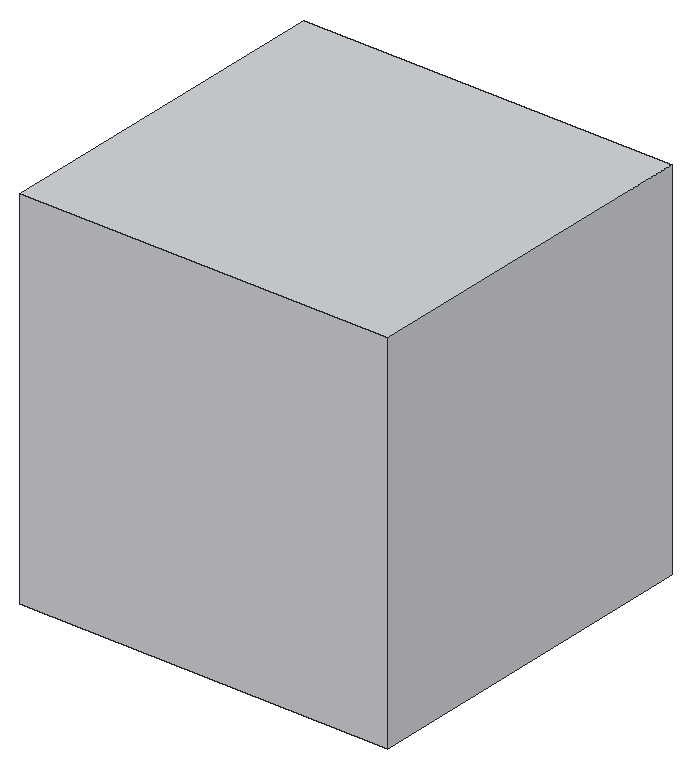
Revit family "Сейф взломостойкий", category Оборудование, Revit 2017
Family settings
  Размер круглого соединителя = Использовать диаметр
  Тип детали = Нормальный
  На основе рабочей плоскости = Нет
  Всегда вертикально = Да
  При загрузке вырезать с полостями = Нет
  Общий = Нет
  Точка расчета площади = Нет
Parameters (values of type "Тип")
  Общ_Ширина = 435.0 mm
  Общ_Тип, марка = "ОСП 23"
  Общ_Примечание КР [instance] = ""
  Общ_Примечание АР [instance] = ""
  Общ_Примечание = ""
  Общ_Поставщик = "РИПОСТ"
  Общ_Позиция = ""
  Общ_Наименование = "Сейф взломостойкий с ключевым замком, I класс защиты, 30 л, 1 полка"
  Общ_Масса = "80"
  Общ_Код продукции = ""
  Общ_Единицы измерения = "шт."
  Общ_Глубина = 420.0 mm
  Общ_Высота = 435.0 mm
  Keynote = ""
  Model = ""
Reference planes
  plane 1 "По центру (Вперед/Назад)": y = 0
  plane 2: z = 0
  plane 3 "По центру (Влево/Вправо)": x = 0
Forms (mm)
  Extrusion 1, solid, detail levels fine
    sketch origin (0, 0, 0) x (1, 0, 0) y (0, 1, 0)
      loop
        line (-217.5, -210) -> (217.5, -210) -> (217.5, 210) -> (-217.5, 210) -> (-217.5, -210)
    from 0 to 435
Lines and regions (mm)
  symbolic lines, detail levels coarse+medium
    curve 1: line (217.5, 210, 0) -> (-217.5, 210, 0)
    curve 2: line (-217.5, 210, 0) -> (-217.5, -210, 0)
    curve 3: line (-217.5, -210, 0) -> (217.5, -210, 0)
    curve 4: line (217.5, -210, 0) -> (217.5, 210, 0)
Dimensions and locks
  "Общ_Глубина": Extrusion 1 to Extrusion 1
  equal spacing: Extrusion 1, plane 1 "По центру (Вперед/Назад)", Extrusion 1
  equal spacing: Extrusion 1, plane 3 "По центру (Влево/Вправо)", Extrusion 1
  "Общ_Ширина": Extrusion 1 to Extrusion 1
  "Общ_Высота": Extrusion 1 to Extrusion 1
  aligned and locked: level to plane 2
Automatic sketch dimensions
  Extrusion 1 sketch curve to plane 3 "По центру (Влево/Вправо)" = 217.5 mm
  plane 3 "По центру (Влево/Вправо)" to Extrusion 1 sketch curve = 217.5 mm
  plane 1 "По центру (Вперед/Назад)" to Extrusion 1 sketch curve = 210.0 mm
  Extrusion 1 sketch curve to plane 1 "По центру (Вперед/Назад)" = 210.0 mm
  curve 1 to plane 3 "По центру (Влево/Вправо)" = 217.5 mm
  plane 3 "По центру (Влево/Вправо)" to curve 3 = 217.5 mm
  plane 1 "По центру (Вперед/Назад)" to curve 3 = 210.0 mm
  curve 2 to plane 1 "По центру (Вперед/Назад)" = 210.0 mm
